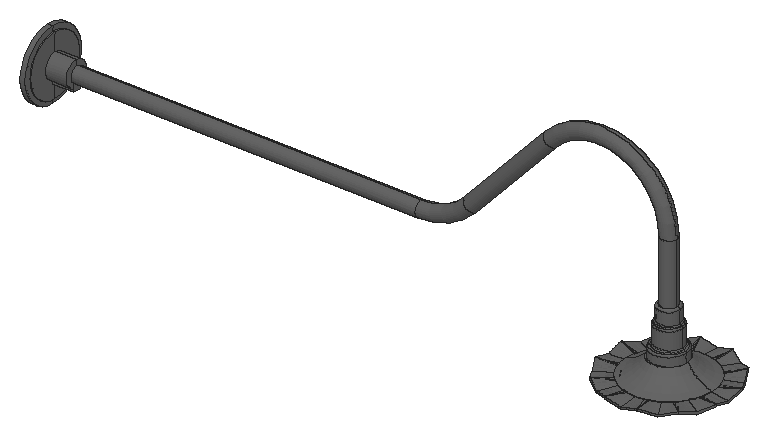
Revit family "Radial 8,12,16,18,20,24 LED", category Lighting Fixtures, Revit 2020 (continued)
Definition of nested family "R912_1"
  Definition of nested family "R912"
    Forms (in)
      SweptBlend 5, solid, material <- "BODY", visible <- "R912"
        end profile origin (3.86272, -4.60438, 0.11737) x (0.004788, 0.066211, -0.997794) y (0.766866, 0.640145, 0.046158)
          loop
            line (-0.30546, -1.03094) -> (-0.17685, -1.03689) -> (0.12861, -0.00595) -> (-0.08036, 1.04879) -> (-0.20897, 1.05474) -> (0, 0) -> (-0.30546, -1.03094)
      SweptBlend 6, solid, material <- "BODY", visible <- "R912"
        path in 3D
          loop
            line (3.69104, -2.13104, 0.20086) -> (5.20456, -3.00557, 0.11737)
        profile origin (3.69104, -2.13104, 0.20086) x (-0.000101, 0.094865, -0.99549) y (0.502004, 0.860969, 0.081995)
          loop
            line (0.03555, 0.81232) -> (-0.03114, 0.00257) -> (-0.09784, -0.80719) -> (-0.03555, -0.81232) -> (0.03114, -0.00257) -> (0.09784, 0.80719) -> (0.03555, 0.81232)
        end profile origin (5.20456, -3.00557, 0.11737) x (-0.000101, 0.094865, -0.99549) y (0.502004, 0.860969, 0.081995)
          loop
            line (-0.34232, -1.0193) -> (-0.214, -1.02986) -> (0.12831, -0.01057) -> (-0.04261, 1.051) -> (-0.17092, 1.06157) -> (0, 0) -> (-0.34232, -1.0193)
      SweptBlend 7, solid, material <- "BODY", visible <- "R912"
        path in 3D
          loop
            line (4.19731, -0.74011, 0.20086) -> (5.91865, -1.04425, 0.11737)
        profile origin (4.19731, -0.74011, 0.20086) x (-0.015966, 0.179656, -0.9836) y (0.179514, 0.968256, 0.173939)
          loop
            line (0.11071, 0.80553) -> (-0.03077, 0.00544) -> (-0.17226, -0.79464) -> (-0.11071, -0.80553) -> (0.03077, -0.00544) -> (0.17226, 0.79464) -> (0.11071, 0.80553)
        end profile origin (5.91865, -1.04425, 0.11737) x (-0.015966, 0.179656, -0.9836) y (0.179514, 0.968256, 0.173939)
          loop
            line (-0.43535, -0.98317) -> (-0.30857, -1.00559) -> (0.12678, -0.02242) -> (0.05502, 1.05042) -> (-0.07176, 1.07284) -> (0, 0) -> (-0.43535, -0.98317)
      SweptBlend 8, solid, material <- "BODY", visible <- "R912"
        path in 3D
          loop
            line (4.19731, 0.74009, 0.20086) -> (5.91887, 1.04302, 0.11737)
        profile origin (4.19731, 0.74009, 0.20086) x (-0.172631, 0.984888, 0.013971) y (0.049407, -0.005508, 0.998764)
          loop
            line (0.81286, 0.01988) -> (0.00044, 0.03125) -> (-0.81198, 0.04261) -> (-0.81286, -0.01988) -> (-0.00044, -0.03125) -> (0.81198, -0.04261) -> (0.81286, 0.01988)
        end profile origin (5.91887, 1.04302, 0.11737) x (-0.172631, 0.984888, 0.013971) y (0.049407, -0.005508, 0.998764)
          loop
            line (-1.04025, 0.27206) -> (-1.04205, 0.14333) -> (-0.0018, -0.12873) -> (1.04565, 0.11413) -> (1.04745, 0.24286) -> (0, 0) -> (-1.04025, 0.27206)
      SweptBlend 9, solid, material <- "BODY", visible <- "R912"
        path in 3D
          loop
            line (3.69106, 2.13102, 0.20086) -> (5.20518, 3.00449, 0.11737)
        profile origin (3.69106, 2.13102, 0.20086) x (-0.038753, 0.161435, 0.986122) y (0.499904, -0.851357, 0.159019)
          loop
            line (0.1602, -0.79716) -> (0.03085, 0.00498) -> (-0.0985, 0.80711) -> (-0.1602, 0.79716) -> (-0.03085, -0.00498) -> (0.0985, -0.80711) -> (0.1602, -0.79716)
        end profile origin (5.20518, 3.00449, 0.11737) x (-0.038753, 0.161435, 0.986122) y (0.499904, -0.851357, 0.159019)
          loop
            line (0.08801, 1.07163) -> (-0.0391, 1.05114) -> (-0.1271, -0.0205) -> (0.2933, -1.01015) -> (0.4204, -0.98965) -> (0, 0) -> (0.08801, 1.07163)
      SweptBlend 10, solid, material <- "BODY", visible <- "R912"
        path in 3D
          loop
            line (2.73961, 3.26492, 0.20086) -> (3.86367, 4.60358, 0.11737)
        profile origin (2.73961, 3.26492, 0.20086) x (-0.020729, 0.079565, 0.996614) y (0.766154, -0.639158, 0.066963)
          loop
            line (0.08565, -0.80858) -> (0.03118, 0.00209) -> (-0.02329, 0.81277) -> (-0.08565, 0.80858) -> (-0.03118, -0.00209) -> (0.02329, -0.81277) -> (0.08565, -0.80858)
        end profile origin (3.86367, 4.60358, 0.11737) x (-0.020729, 0.079565, 0.996614) y (0.766154, -0.639158, 0.066963)
          loop
            line (0.18692, 1.05887) -> (0.05847, 1.05024) -> (-0.12846, -0.00863) -> (0.19844, -1.03298) -> (0.3269, -1.02435) -> (0, 0) -> (0.18692, 1.05887)
      SweptBlend 11, solid, material <- "BODY", visible <- "R912"
        path in 3D
          loop
            line (1.45772, 4.00502, 0.20086) -> (2.05615, 5.6474, 0.11737)
        profile origin (1.45772, 4.00502, 0.20086) x (-0.012585, 0.055339, 0.998388) y (0.939631, -0.340806, 0.030735)
          loop
            line (0.05624, -0.81115) -> (0.03124, 0.00096) -> (0.00623, 0.81308) -> (-0.05624, 0.81115) -> (-0.03124, -0.00096) -> (-0.00623, -0.81308) -> (0.05624, -0.81115)
        end profile origin (2.05615, 5.6474, 0.11737) x (-0.012585, 0.055339, 0.998388) y (0.939631, -0.340806, 0.030735)
          loop
            line (0.22524, 1.05138) -> (0.09656, 1.04742) -> (-0.12869, -0.00396) -> (0.1608, -1.0395) -> (0.28949, -1.03554) -> (0, 0) -> (0.22524, 1.05138)
      SweptBlend 12, solid, material <- "BODY", visible <- "R912"
        path in 3D
          loop
            line (0.00001, 4.26206, 0.20086) -> (0.00062, 6.01007, 0.11737)
        profile origin (0.00001, 4.26206, 0.20086) x (-0.008024, 0.047711, 0.998829) y (0.999968, 0.000035, 0.008032)
          loop
            line (0.03778, -0.81222) -> (0.03125, 0.00025) -> (0.02472, 0.81273) -> (-0.03778, 0.81222) -> (-0.03125, -0.00025) -> (-0.02472, -0.81273) -> (0.03778, -0.81222)
        end profile origin (0.00062, 6.01007, 0.11737) x (-0.008024, 0.047711, 0.998829) y (0.999968, 0.000035, 0.008032)
          loop
            line (0.24909, 1.04599) -> (0.12034, 1.04496) -> (-0.12874, -0.00104) -> (0.13713, -1.04289) -> (0.26587, -1.04185) -> (0, 0) -> (0.24909, 1.04599)
      SweptBlend 13, solid, material <- "BODY", visible <- "R912"
        path in 3D
          loop
            line (-1.4577, 4.00503, 0.20086) -> (-2.05498, 5.64783, 0.11737)
        profile origin (-1.4577, 4.00503, 0.20086) x (-0.006541, 0.048384, 0.998807) y (0.93993, 0.341209, -0.010373)
          loop
            line (0.02281, -0.81278) -> (0.03125, -0.00032) -> (0.03969, 0.81213) -> (-0.02281, 0.81278) -> (-0.03125, 0.00032) -> (-0.03969, -0.81213) -> (0.02281, -0.81278)
        end profile origin (-2.05498, 5.64783, 0.11737) x (-0.006541, 0.048384, 0.998807) y (0.93993, 0.341209, -0.010373)
          loop
            line (0.26832, 1.04123) -> (0.13958, 1.04256) -> (-0.12874, 0.00134) -> (0.11789, -1.04524) -> (0.24663, -1.04657) -> (0, 0) -> (0.26832, 1.04123)
      SweptBlend 14, solid, material <- "BODY", visible <- "R912"
        path in 3D
          loop
            line (-2.73959, 3.26493, 0.20086) -> (-3.86272, 4.60438, 0.11737)
        profile origin (-2.73959, 3.26493, 0.20086) x (-0.008765, 0.054887, 0.998454) y (0.766831, 0.641215, -0.028517)
          loop
            line (0.00804, -0.81306) -> (0.03124, -0.00089) -> (0.05443, 0.81128) -> (-0.00804, 0.81306) -> (-0.03124, 0.00089) -> (-0.05443, -0.81128) -> (0.00804, -0.81306)
        end profile origin (-3.86272, 4.60438, 0.11737) x (-0.008765, 0.054887, 0.998454) y (0.766831, 0.641215, -0.028517)
          loop
            line (0.28719, 1.03618) -> (0.15849, 1.03985) -> (-0.12869, 0.00368) -> (0.09889, -1.04721) -> (0.22758, -1.05088) -> (0, 0) -> (0.28719, 1.03618)
      SweptBlend 15, solid, material <- "BODY", visible <- "R912"
        path in 3D
          loop
            line (-3.69104, 2.13104, 0.20086) -> (-5.20456, 3.00557, 0.11737)
        profile origin (-3.69104, 2.13104, 0.20086) x (-0.016105, 0.067368, 0.997598) y (0.501746, 0.863556, -0.050216)
          loop
            line (-0.00964, -0.81304) -> (0.03121, -0.00157) -> (0.07206, 0.8099) -> (0.00964, 0.81304) -> (-0.03121, 0.00157) -> (-0.07206, -0.8099) -> (-0.00964, -0.81304)
        end profile origin (-5.20456, 3.00557, 0.11737) x (-0.016105, 0.067368, 0.997598) y (0.501746, 0.863556, -0.050216)
          loop
            line (0.30965, 1.02969) -> (0.18106, 1.03616) -> (-0.12858, 0.00647) -> (0.0761, -1.04911) -> (0.20468, -1.05558) -> (0, 0) -> (0.30965, 1.02969)
      SweptBlend 16, solid, material <- "BODY", visible <- "R912"
        path in 3D
          loop
            line (-4.19731, 0.74011, 0.20086) -> (-5.91865, 1.04425, 0.11737)
        profile origin (-4.19731, 0.74011, 0.20086) x (-0.032249, 0.090724, 0.995354) y (0.177314, 0.980594, -0.083633)
          loop
            line (-0.03689, -0.81226) -> (0.03114, -0.00262) -> (0.09917, 0.80703) -> (0.03689, 0.81226) -> (-0.03114, 0.00262) -> (-0.09917, -0.80703) -> (-0.03689, -0.81226)
        end profile origin (-5.91865, 1.04425, 0.11737) x (-0.032249, 0.090724, 0.995354) y (0.177314, 0.980594, -0.083633)
          loop
            line (0.34399, 1.01873) -> (0.2157, 1.02951) -> (-0.12829, 0.01078) -> (0.04088, -1.05107) -> (0.16918, -1.06185) -> (0, 0) -> (0.34399, 1.01873)
      SweptBlend 17, solid, material <- "BODY", visible <- "R912"
        path in 3D
          loop
            line (-4.19731, -0.74009, 0.20086) -> (-5.91887, -1.04302, 0.11737)
        profile origin (-4.19731, -0.74009, 0.20086) x (-0.075088, 0.155236, 0.98502) y (-0.163108, 0.972592, -0.165711)
          loop
            line (-0.10398, -0.80643) -> (0.03082, -0.00518) -> (0.16561, 0.79606) -> (0.10398, 0.80643) -> (-0.03082, 0.00518) -> (-0.16561, -0.79606) -> (-0.10398, -0.80643)
        end profile origin (-5.91887, -1.04302, 0.11737) x (-0.075088, 0.155236, 0.98502) y (-0.163108, 0.972592, -0.165711)
          loop
            line (0.42711, 0.98677) -> (0.30015, 1.00813) -> (-0.12696, 0.02136) -> (-0.04623, -1.05085) -> (0.08073, -1.07221) -> (0, 0) -> (0.42711, 0.98677)
      SweptBlend 18, solid, material <- "BODY", visible <- "R912"
        path in 3D
          loop
            line (-3.69106, -2.13102, 0.20086) -> (-5.20518, -3.00449, 0.11737)
        profile origin (-3.69106, -2.13102, 0.20086) x (-0.498207, 0.866524, -0.030438) y (0.056534, -0.002566, -0.998397)
          loop
            line (-0.81307, -0.00648) -> (-0.00095, -0.03124) -> (0.81117, -0.05599) -> (0.81307, 0.00648) -> (0.00095, 0.03124) -> (-0.81117, 0.05599) -> (-0.81307, -0.00648)
        end profile origin (-5.20518, -3.00449, 0.11737) x (-0.498207, 0.866524, -0.030438) y (0.056534, -0.002566, -0.998397)
          loop
            line (1.03562, -0.28918) -> (1.03955, -0.16049) -> (0.00392, 0.12869) -> (-1.04739, -0.09687) -> (-1.05132, -0.22556) -> (0, 0) -> (1.03562, -0.28918)
      SweptBlend 19, solid, material <- "BODY", visible <- "R912"
        path in 3D
          loop
            line (-2.73961, -3.26492, 0.20086) -> (-3.86367, -4.60358, 0.11737)
        profile origin (-2.73961, -3.26492, 0.20086) x (-0.058973, 0.111392, -0.992025) y (0.764163, -0.634386, -0.11666)
          loop
            line (-0.12593, 0.80329) -> (-0.03104, -0.00365) -> (0.06386, -0.81059) -> (0.12593, -0.80329) -> (0.03104, 0.00365) -> (-0.06386, 0.81059) -> (-0.12593, 0.80329)
        end profile origin (-3.86367, -4.60358, 0.11737) x (-0.058973, 0.111392, -0.992025) y (0.764163, -0.634386, -0.11666)
          loop
            line (-0.1338, -1.06688) -> (-0.00593, -1.05185) -> (0.12786, 0.01504) -> (-0.24979, 1.02177) -> (-0.37765, 1.00674) -> (0, 0) -> (-0.1338, -1.06688)
    Lines and regions (in)
      sketch lines
        curve 1: line (-0.00001, -4.26206, 0.20086) -> (-0.00062, -6.01007, 0.11737)
        curve 2: line (-1.45772, -4.00502, 0.20086) -> (-2.05615, -5.6474, 0.11737)
        curve 3: line (1.4577, -4.00503, 0.20086) -> (2.05498, -5.64783, 0.11737)
        curve 4: line (2.73959, -3.26493, 0.20086) -> (3.86272, -4.60438, 0.11737)
        curve 5: line (3.69104, -2.13104, 0.20086) -> (5.20456, -3.00557, 0.11737)
        curve 6: line (4.19731, -0.74011, 0.20086) -> (5.91865, -1.04425, 0.11737)
        curve 7: line (4.19731, 0.74009, 0.20086) -> (5.91887, 1.04302, 0.11737)
        curve 8: line (3.69106, 2.13102, 0.20086) -> (5.20518, 3.00449, 0.11737)
        curve 9: line (2.73961, 3.26492, 0.20086) -> (3.86367, 4.60358, 0.11737)
        curve 10: line (1.45772, 4.00502, 0.20086) -> (2.05615, 5.6474, 0.11737)
        curve 11: line (0.00001, 4.26206, 0.20086) -> (0.00062, 6.01007, 0.11737)
        curve 12: line (-1.4577, 4.00503, 0.20086) -> (-2.05498, 5.64783, 0.11737)
        curve 13: line (-2.73959, 3.26493, 0.20086) -> (-3.86272, 4.60438, 0.11737)
        curve 14: line (-3.69104, 2.13104, 0.20086) -> (-5.20456, 3.00557, 0.11737)
        curve 15: line (-4.19731, 0.74011, 0.20086) -> (-5.91865, 1.04425, 0.11737)
        curve 16: line (-4.19731, -0.74009, 0.20086) -> (-5.91887, -1.04302, 0.11737)
        curve 17: line (-3.69106, -2.13102, 0.20086) -> (-5.20518, -3.00449, 0.11737)
        curve 18: line (-2.73961, -3.26492, 0.20086) -> (-3.86367, -4.60358, 0.11737)
    Dimensions and locks (in)
      plane 5 to plane 3 "Center (Left/Right)" = 0' - 6"
      plane 4 to plane 2 = 0' - 5 1/8"
      plane 6 to plane 1 "Center (Front/Back)" = 0' - 6"
      equal spacing: plane 6, plane 1 "Center (Front/Back)", plane 8
      plane 6 to plane 8 = 1' - 0"
      equal spacing: plane 7, plane 3 "Center (Left/Right)", plane 5
      plane 7 to plane 5 = 1' - 0"
      plane 7 to plane 3 "Center (Left/Right)" = 0' - 6"
      aligned and locked: plane 2 to level
    Automatic sketch dimensions
      SweptBlend 2 sketch curve to profile plane = 0' - 0"  (x2)
      profile plane to SweptBlend 2 sketch curve = 0' - 0.12186"
      profile plane to SweptBlend 2 sketch curve = 0' - 0.13562"
      SweptBlend 2 sketch curve to SweptBlend 2 sketch curve = 0' - 0.12874"  (x2)
      SweptBlend 2 sketch curve to profile plane = 0' - 0.00085"
      SweptBlend 2 sketch curve to profile plane = 0' - 0.12874"
      SweptBlend 2 sketch curve to profile plane = 0' - 1.04224"
      SweptBlend 2 sketch curve to SweptBlend 2 sketch curve = 0' - 0.00085"  (x2)
      profile plane to SweptBlend 2 sketch curve = 0' - 1.04478"
      profile plane to SweptBlend 2 sketch curve = 0' - 0.0366"
      profile plane to SweptBlend 2 sketch curve = 0' - 0.00021"
      profile plane to SweptBlend 2 sketch curve = 0' - 0 1/32"
      profile plane to SweptBlend 2 sketch curve = 0' - 0.0259"
      SweptBlend 2 sketch curve to profile plane = 0' - 0.0259"
      SweptBlend 2 sketch curve to profile plane = 0' - 0.00021"
      SweptBlend 2 sketch curve to profile plane = 0' - 0.81228"
      profile plane to SweptBlend 2 sketch curve = 0' - 0.81228"
      SweptBlend 3 sketch curve to profile plane = 0' - 0"  (x2)
      profile plane to SweptBlend 3 sketch curve = 0' - 0 79/128"
      SweptBlend 3 sketch curve to profile plane = 0' - 0.39175"
      SweptBlend 3 sketch curve to SweptBlend 3 sketch curve = 0' - 0.11272"  (x2)
      profile plane to SweptBlend 3 sketch curve = 0' - 0.06221"
      SweptBlend 3 sketch curve to profile plane = 0' - 0.11272"
      SweptBlend 3 sketch curve to profile plane = 0' - 1.0384"
      SweptBlend 3 sketch curve to SweptBlend 3 sketch curve = 0' - 0.06221"  (x2)
      profile plane to SweptBlend 3 sketch curve = 0' - 0.85177"
      SweptBlend 3 sketch curve to profile plane = 0' - 0.36526"
      SweptBlend 3 sketch curve to profile plane = 0' - 0.0151"
      profile plane to SweptBlend 3 sketch curve = 0' - 0 7/256"
      profile plane to SweptBlend 3 sketch curve = 0' - 0.41998"
      SweptBlend 3 sketch curve to profile plane = 0' - 0.41998"
      profile plane to SweptBlend 3 sketch curve = 0' - 0.0151"
      SweptBlend 3 sketch curve to profile plane = 0' - 0.72644"
      profile plane to SweptBlend 3 sketch curve = 0' - 0.72644"
      SweptBlend 4 sketch curve to profile plane = 0' - 0"  (x2)
      SweptBlend 4 sketch curve to profile plane = 0' - 0.47542"
      profile plane to SweptBlend 4 sketch curve = 0' - 0.68913"
      SweptBlend 4 sketch curve to SweptBlend 4 sketch curve = 0' - 0.10686"  (x2)
      SweptBlend 4 sketch curve to profile plane = 0' - 0.07181"
      SweptBlend 4 sketch curve to profile plane = 0' - 0.10686"
      SweptBlend 4 sketch curve to profile plane = 0' - 0.72287"
      SweptBlend 4 sketch curve to SweptBlend 4 sketch curve = 0' - 0.07181"  (x2)
      profile plane to SweptBlend 4 sketch curve = 0' - 0.93829"
      profile plane to SweptBlend 4 sketch curve = 0' - 0.47912"
      profile plane to SweptBlend 4 sketch curve = 0' - 0.01743"
      profile plane to SweptBlend 4 sketch curve = 0' - 0.02594"
      SweptBlend 4 sketch curve to profile plane = 0' - 0.42724"
      profile plane to SweptBlend 4 sketch curve = 0' - 0.42724"
      SweptBlend 4 sketch curve to profile plane = 0' - 0.01743"
      SweptBlend 4 sketch curve to profile plane = 0' - 0.65695"
      profile plane to SweptBlend 4 sketch curve = 0' - 0.65695"
      SweptBlend 5 sketch curve to profile plane = 0' - 0"  (x2)
      profile plane to SweptBlend 5 sketch curve = 0' - 0.08036"
      profile plane to SweptBlend 5 sketch curve = 0' - 0.17685"
      SweptBlend 5 sketch curve to SweptBlend 5 sketch curve = 0' - 0.12861"  (x2)
      SweptBlend 5 sketch curve to profile plane = 0' - 0.00595"
      SweptBlend 5 sketch curve to profile plane = 0' - 0.12861"
      SweptBlend 5 sketch curve to profile plane = 0' - 1.03094"
      SweptBlend 5 sketch curve to SweptBlend 5 sketch curve = 0' - 0.00595"  (x2)
      profile plane to SweptBlend 5 sketch curve = 0' - 1.04879"
      profile plane to SweptBlend 5 sketch curve = 0' - 0.06876"
      profile plane to SweptBlend 5 sketch curve = 0' - 0.00144"
      profile plane to SweptBlend 5 sketch curve = 0' - 0.03122"
      SweptBlend 5 sketch curve to profile plane = 0' - 0.00633"
      profile plane to SweptBlend 5 sketch curve = 0' - 0.00633"
      SweptBlend 5 sketch curve to profile plane = 0' - 0.00144"
      SweptBlend 5 sketch curve to profile plane = 0' - 0.81019"
      profile plane to SweptBlend 5 sketch curve = 0' - 0.81019"
      SweptBlend 6 sketch curve to profile plane = 0' - 0"  (x2)
      profile plane to SweptBlend 6 sketch curve = 0' - 0.04261"
      profile plane to SweptBlend 6 sketch curve = 0' - 0.214"
      SweptBlend 6 sketch curve to SweptBlend 6 sketch curve = 0' - 0.12831"  (x2)
      SweptBlend 6 sketch curve to profile plane = 0' - 0.01057"
      SweptBlend 6 sketch curve to profile plane = 0' - 0.12831"
      SweptBlend 6 sketch curve to profile plane = 0' - 1.0193"
      SweptBlend 6 sketch curve to SweptBlend 6 sketch curve = 0' - 0.01057"  (x2)
      profile plane to SweptBlend 6 sketch curve = 0' - 1.051"
      profile plane to SweptBlend 6 sketch curve = 0' - 0.09784"
      profile plane to SweptBlend 6 sketch curve = 0' - 0.00257"
      profile plane to SweptBlend 6 sketch curve = 0' - 0.03114"
      SweptBlend 6 sketch curve to profile plane = 0' - 0.03555"
      profile plane to SweptBlend 6 sketch curve = 0' - 0.03555"
      SweptBlend 6 sketch curve to profile plane = 0' - 0.00257"
      SweptBlend 6 sketch curve to profile plane = 0' - 0.80719"
      profile plane to SweptBlend 6 sketch curve = 0' - 0.80719"
      SweptBlend 7 sketch curve to profile plane = 0' - 0"  (x2)
      SweptBlend 7 sketch curve to profile plane = 0' - 0.05502"
      profile plane to SweptBlend 7 sketch curve = 0' - 0.30857"
      SweptBlend 7 sketch curve to SweptBlend 7 sketch curve = 0' - 0.12678"  (x2)
      SweptBlend 7 sketch curve to profile plane = 0' - 0.02242"
      SweptBlend 7 sketch curve to profile plane = 0' - 0.12678"
      SweptBlend 7 sketch curve to profile plane = 0' - 0.98317"
      SweptBlend 7 sketch curve to SweptBlend 7 sketch curve = 0' - 0.02242"  (x2)
      profile plane to SweptBlend 7 sketch curve = 0' - 1.05042"
      profile plane to SweptBlend 7 sketch curve = 0' - 0.17226"
      profile plane to SweptBlend 7 sketch curve = 0' - 0.00544"
      profile plane to SweptBlend 7 sketch curve = 0' - 0.03077"
      SweptBlend 7 sketch curve to profile plane = 0' - 0.11071"
      profile plane to SweptBlend 7 sketch curve = 0' - 0.11071"
      SweptBlend 7 sketch curve to profile plane = 0' - 0.00544"
      SweptBlend 7 sketch curve to profile plane = 0' - 0.79464"
      profile plane to SweptBlend 7 sketch curve = 0' - 0.79464"
      SweptBlend 8 sketch curve to profile plane = 0' - 0"  (x2)
      SweptBlend 8 sketch curve to profile plane = 0' - 1.04565"
      profile plane to SweptBlend 8 sketch curve = 0' - 1.04205"
      SweptBlend 8 sketch curve to SweptBlend 8 sketch curve = 0' - 0.0018"  (x2)
      SweptBlend 8 sketch curve to profile plane = 0' - 0.12873"
      profile plane to SweptBlend 8 sketch curve = 0' - 0.0018"
      profile plane to SweptBlend 8 sketch curve = 0' - 0.27206"
      SweptBlend 8 sketch curve to SweptBlend 8 sketch curve = 0' - 0.12873"  (x2)
      profile plane to SweptBlend 8 sketch curve = 0' - 0.11413"
      profile plane to SweptBlend 8 sketch curve = 0' - 0.81198"
      profile plane to SweptBlend 8 sketch curve = 0' - 0 1/32"
      SweptBlend 8 sketch curve to profile plane = 0' - 0.00044"
      SweptBlend 8 sketch curve to profile plane = 0' - 0.81286"
      profile plane to SweptBlend 8 sketch curve = 0' - 0.81286"
      SweptBlend 8 sketch curve to profile plane = 0' - 0 1/32"
      profile plane to SweptBlend 8 sketch curve = 0' - 0.04261"
      SweptBlend 8 sketch curve to profile plane = 0' - 0.04261"
      SweptBlend 9 sketch curve to profile plane = 0' - 0"  (x2)
      SweptBlend 9 sketch curve to profile plane = 0' - 0.2933"
      profile plane to SweptBlend 9 sketch curve = 0' - 0.0391"
      SweptBlend 9 sketch curve to SweptBlend 9 sketch curve = 0' - 0.1271"  (x2)
      SweptBlend 9 sketch curve to profile plane = 0' - 0.0205"
      profile plane to SweptBlend 9 sketch curve = 0' - 0.1271"
      profile plane to SweptBlend 9 sketch curve = 0' - 1.07163"
      SweptBlend 9 sketch curve to SweptBlend 9 sketch curve = 0' - 0.0205"  (x2)
      SweptBlend 9 sketch curve to profile plane = 0' - 1.01015"
      profile plane to SweptBlend 9 sketch curve = 0' - 0.0985"
      profile plane to SweptBlend 9 sketch curve = 0' - 0.00498"
      SweptBlend 9 sketch curve to profile plane = 0' - 0.03085"
      SweptBlend 9 sketch curve to profile plane = 0' - 0.1602"
      profile plane to SweptBlend 9 sketch curve = 0' - 0.1602"
      SweptBlend 9 sketch curve to profile plane = 0' - 0.00498"
      profile plane to SweptBlend 9 sketch curve = 0' - 0.80711"
      SweptBlend 9 sketch curve to profile plane = 0' - 0.80711"
      SweptBlend 10 sketch curve to profile plane = 0' - 0"  (x2)
      SweptBlend 10 sketch curve to profile plane = 0' - 0.19844"
      SweptBlend 10 sketch curve to profile plane = 0' - 0.05847"
      SweptBlend 10 sketch curve to SweptBlend 10 sketch curve = 0' - 0.12846"  (x2)
      SweptBlend 10 sketch curve to profile plane = 0' - 0.00863"
      profile plane to SweptBlend 10 sketch curve = 0' - 0.12846"
      profile plane to SweptBlend 10 sketch curve = 0' - 1.05887"
      SweptBlend 10 sketch curve to SweptBlend 10 sketch curve = 0' - 0.00863"  (x2)
      SweptBlend 10 sketch curve to profile plane = 0' - 1.03298"
      profile plane to SweptBlend 10 sketch curve = 0' - 0.02329"
      profile plane to SweptBlend 10 sketch curve = 0' - 0.00209"
      SweptBlend 10 sketch curve to profile plane = 0' - 0.03118"
      SweptBlend 10 sketch curve to profile plane = 0' - 0.08565"
      profile plane to SweptBlend 10 sketch curve = 0' - 0.08565"
      SweptBlend 10 sketch curve to profile plane = 0' - 0.00209"
      profile plane to SweptBlend 10 sketch curve = 0' - 0.81277"
      SweptBlend 10 sketch curve to profile plane = 0' - 0.81277"
      SweptBlend 11 sketch curve to profile plane = 0' - 0"  (x2)
      SweptBlend 11 sketch curve to profile plane = 0' - 0.1608"
      SweptBlend 11 sketch curve to profile plane = 0' - 0.09656"
      SweptBlend 11 sketch curve to SweptBlend 11 sketch curve = 0' - 0.12869"  (x2)
      SweptBlend 11 sketch curve to profile plane = 0' - 0.00396"
      profile plane to SweptBlend 11 sketch curve = 0' - 0.12869"
      profile plane to SweptBlend 11 sketch curve = 0' - 1.05138"
      SweptBlend 11 sketch curve to SweptBlend 11 sketch curve = 0' - 0.00396"  (x2)
      SweptBlend 11 sketch curve to profile plane = 0' - 1.0395"
      SweptBlend 11 sketch curve to profile plane = 0' - 0.00623"
      profile plane to SweptBlend 11 sketch curve = 0' - 0.00096"
      SweptBlend 11 sketch curve to profile plane = 0' - 0 1/32"
      SweptBlend 11 sketch curve to profile plane = 0' - 0.05624"
      profile plane to SweptBlend 11 sketch curve = 0' - 0.05624"
      SweptBlend 11 sketch curve to profile plane = 0' - 0.00096"
      profile plane to SweptBlend 11 sketch curve = 0' - 0.81308"
      SweptBlend 11 sketch curve to profile plane = 0' - 0.81308"
      SweptBlend 12 sketch curve to profile plane = 0' - 0"  (x2)
      SweptBlend 12 sketch curve to profile plane = 0' - 0.13713"
      SweptBlend 12 sketch curve to profile plane = 0' - 0.12034"
      SweptBlend 12 sketch curve to SweptBlend 12 sketch curve = 0' - 0.12874"  (x2)
      SweptBlend 12 sketch curve to profile plane = 0' - 0.00104"
      profile plane to SweptBlend 12 sketch curve = 0' - 0.12874"
      profile plane to SweptBlend 12 sketch curve = 0' - 1.04599"
      SweptBlend 12 sketch curve to SweptBlend 12 sketch curve = 0' - 0.00104"  (x2)
      SweptBlend 12 sketch curve to profile plane = 0' - 1.04289"
      SweptBlend 12 sketch curve to profile plane = 0' - 0.02472"
      profile plane to SweptBlend 12 sketch curve = 0' - 0.00025"
      SweptBlend 12 sketch curve to profile plane = 0' - 0 1/32"
      SweptBlend 12 sketch curve to profile plane = 0' - 0.03778"
      profile plane to SweptBlend 12 sketch curve = 0' - 0.03778"
      SweptBlend 12 sketch curve to profile plane = 0' - 0.00025"
      profile plane to SweptBlend 12 sketch curve = 0' - 0.81273"
      SweptBlend 12 sketch curve to profile plane = 0' - 0.81273"
      SweptBlend 13 sketch curve to profile plane = 0' - 0"  (x2)
      SweptBlend 13 sketch curve to profile plane = 0' - 0.11789"
      SweptBlend 13 sketch curve to profile plane = 0' - 0.13958"
      SweptBlend 13 sketch curve to SweptBlend 13 sketch curve = 0' - 0.12874"  (x2)
      profile plane to SweptBlend 13 sketch curve = 0' - 0.00134"
      profile plane to SweptBlend 13 sketch curve = 0' - 0.12874"
      profile plane to SweptBlend 13 sketch curve = 0' - 1.04123"
      SweptBlend 13 sketch curve to SweptBlend 13 sketch curve = 0' - 0.00134"  (x2)
      SweptBlend 13 sketch curve to profile plane = 0' - 1.04524"
      SweptBlend 13 sketch curve to profile plane = 0' - 0.03969"
      SweptBlend 13 sketch curve to profile plane = 0' - 0.00032"
      SweptBlend 13 sketch curve to profile plane = 0' - 0 1/32"
      SweptBlend 13 sketch curve to profile plane = 0' - 0.02281"
      profile plane to SweptBlend 13 sketch curve = 0' - 0.02281"
      profile plane to SweptBlend 13 sketch curve = 0' - 0.00032"
      profile plane to SweptBlend 13 sketch curve = 0' - 0.81213"
      SweptBlend 13 sketch curve to profile plane = 0' - 0.81213"
      SweptBlend 14 sketch curve to profile plane = 0' - 0"  (x2)
      SweptBlend 14 sketch curve to profile plane = 0' - 0.09889"
      SweptBlend 14 sketch curve to profile plane = 0' - 0.15849"
      SweptBlend 14 sketch curve to SweptBlend 14 sketch curve = 0' - 0.12869"  (x2)
      profile plane to SweptBlend 14 sketch curve = 0' - 0.00368"
      profile plane to SweptBlend 14 sketch curve = 0' - 0.12869"
      profile plane to SweptBlend 14 sketch curve = 0' - 1.03618"
      SweptBlend 14 sketch curve to SweptBlend 14 sketch curve = 0' - 0.00368"  (x2)
      SweptBlend 14 sketch curve to profile plane = 0' - 1.04721"
      SweptBlend 14 sketch curve to profile plane = 0' - 0.05443"
      SweptBlend 14 sketch curve to profile plane = 0' - 0.00089"
      SweptBlend 14 sketch curve to profile plane = 0' - 0 1/32"
      SweptBlend 14 sketch curve to profile plane = 0' - 0.00804"
      profile plane to SweptBlend 14 sketch curve = 0' - 0.00804"
      profile plane to SweptBlend 14 sketch curve = 0' - 0.00089"
      profile plane to SweptBlend 14 sketch curve = 0' - 0.81128"
      SweptBlend 14 sketch curve to profile plane = 0' - 0.81128"
      SweptBlend 15 sketch curve to profile plane = 0' - 0"  (x2)
      SweptBlend 15 sketch curve to profile plane = 0' - 0.0761"
      SweptBlend 15 sketch curve to profile plane = 0' - 0.18106"
      SweptBlend 15 sketch curve to SweptBlend 15 sketch curve = 0' - 0.12858"  (x2)
      profile plane to SweptBlend 15 sketch curve = 0' - 0.00647"
      profile plane to SweptBlend 15 sketch curve = 0' - 0.12858"
      profile plane to SweptBlend 15 sketch curve = 0' - 1.02969"
      SweptBlend 15 sketch curve to SweptBlend 15 sketch curve = 0' - 0.00647"  (x2)
      SweptBlend 15 sketch curve to profile plane = 0' - 1.04911"
      SweptBlend 15 sketch curve to profile plane = 0' - 0.07206"
      SweptBlend 15 sketch curve to profile plane = 0' - 0.00157"
      SweptBlend 15 sketch curve to profile plane = 0' - 0.03121"
      profile plane to SweptBlend 15 sketch curve = 0' - 0.00964"
      SweptBlend 15 sketch curve to profile plane = 0' - 0.00964"
      profile plane to SweptBlend 15 sketch curve = 0' - 0.00157"
      profile plane to SweptBlend 15 sketch curve = 0' - 0.8099"
      SweptBlend 15 sketch curve to profile plane = 0' - 0.8099"
      SweptBlend 16 sketch curve to profile plane = 0' - 0"  (x2)
      SweptBlend 16 sketch curve to profile plane = 0' - 0.04088"
      SweptBlend 16 sketch curve to profile plane = 0' - 0.2157"
      SweptBlend 16 sketch curve to SweptBlend 16 sketch curve = 0' - 0.12829"  (x2)
      profile plane to SweptBlend 16 sketch curve = 0' - 0.01078"
      profile plane to SweptBlend 16 sketch curve = 0' - 0.12829"
      profile plane to SweptBlend 16 sketch curve = 0' - 1.01873"
      SweptBlend 16 sketch curve to SweptBlend 16 sketch curve = 0' - 0.01078"  (x2)
      SweptBlend 16 sketch curve to profile plane = 0' - 1.05107"
      SweptBlend 16 sketch curve to profile plane = 0' - 0.09917"
      SweptBlend 16 sketch curve to profile plane = 0' - 0.00262"
      SweptBlend 16 sketch curve to profile plane = 0' - 0.03114"
      profile plane to SweptBlend 16 sketch curve = 0' - 0.03689"
      SweptBlend 16 sketch curve to profile plane = 0' - 0.03689"
      profile plane to SweptBlend 16 sketch curve = 0' - 0.00262"
      profile plane to SweptBlend 16 sketch curve = 0' - 0.80703"
      SweptBlend 16 sketch curve to profile plane = 0' - 0.80703"
      SweptBlend 17 sketch curve to profile plane = 0' - 0"  (x2)
      profile plane to SweptBlend 17 sketch curve = 0' - 0.04623"
      SweptBlend 17 sketch curve to profile plane = 0' - 0.30015"
      SweptBlend 17 sketch curve to SweptBlend 17 sketch curve = 0' - 0.12696"  (x2)
      profile plane to SweptBlend 17 sketch curve = 0' - 0.02136"
      profile plane to SweptBlend 17 sketch curve = 0' - 0.12696"
      profile plane to SweptBlend 17 sketch curve = 0' - 0.98677"
      SweptBlend 17 sketch curve to SweptBlend 17 sketch curve = 0' - 0.02136"  (x2)
      SweptBlend 17 sketch curve to profile plane = 0' - 1.05085"
      SweptBlend 17 sketch curve to profile plane = 0' - 0.16561"
      SweptBlend 17 sketch curve to profile plane = 0' - 0.00518"
      SweptBlend 17 sketch curve to profile plane = 0' - 0.03082"
      profile plane to SweptBlend 17 sketch curve = 0' - 0.10398"
      SweptBlend 17 sketch curve to profile plane = 0' - 0.10398"
      profile plane to SweptBlend 17 sketch curve = 0' - 0.00518"
      profile plane to SweptBlend 17 sketch curve = 0' - 0.79606"
      SweptBlend 17 sketch curve to profile plane = 0' - 0.79606"
      SweptBlend 18 sketch curve to profile plane = 0' - 0"  (x2)
      profile plane to SweptBlend 18 sketch curve = 0' - 1.04739"
      SweptBlend 18 sketch curve to profile plane = 0' - 1.03955"
      SweptBlend 18 sketch curve to SweptBlend 18 sketch curve = 0' - 0 1/256"  (x2)
      profile plane to SweptBlend 18 sketch curve = 0' - 0.12869"
      SweptBlend 18 sketch curve to profile plane = 0' - 0 1/256"
      SweptBlend 18 sketch curve to profile plane = 0' - 0.28918"
      SweptBlend 18 sketch curve to SweptBlend 18 sketch curve = 0' - 0.12869"  (x2)
      SweptBlend 18 sketch curve to profile plane = 0' - 0.09687"
      SweptBlend 18 sketch curve to profile plane = 0' - 0.81117"
      SweptBlend 18 sketch curve to profile plane = 0' - 0 1/32"
      profile plane to SweptBlend 18 sketch curve = 0' - 0.00095"
      profile plane to SweptBlend 18 sketch curve = 0' - 0.81307"
      SweptBlend 18 sketch curve to profile plane = 0' - 0.81307"
      profile plane to SweptBlend 18 sketch curve = 0' - 0 1/32"
      SweptBlend 18 sketch curve to profile plane = 0' - 0.05599"
      profile plane to SweptBlend 18 sketch curve = 0' - 0.05599"
      SweptBlend 19 sketch curve to profile plane = 0' - 0"  (x2)
      profile plane to SweptBlend 19 sketch curve = 0' - 0.24979"
      profile plane to SweptBlend 19 sketch curve = 0' - 0.00593"
      SweptBlend 19 sketch curve to SweptBlend 19 sketch curve = 0' - 0.12786"  (x2)
      profile plane to SweptBlend 19 sketch curve = 0' - 0.01504"
      SweptBlend 19 sketch curve to profile plane = 0' - 0.12786"
      SweptBlend 19 sketch curve to profile plane = 0' - 1.06688"
      SweptBlend 19 sketch curve to SweptBlend 19 sketch curve = 0' - 0.01504"  (x2)
      profile plane to SweptBlend 19 sketch curve = 0' - 1.02177"
      SweptBlend 19 sketch curve to profile plane = 0' - 0.06386"
      SweptBlend 19 sketch curve to profile plane = 0' - 0.00365"
      profile plane to SweptBlend 19 sketch curve = 0' - 0.03104"
      profile plane to SweptBlend 19 sketch curve = 0' - 0.12593"
      SweptBlend 19 sketch curve to profile plane = 0' - 0.12593"
      profile plane to SweptBlend 19 sketch curve = 0' - 0.00365"
      SweptBlend 19 sketch curve to profile plane = 0' - 0.81059"
      profile plane to SweptBlend 19 sketch curve = 0' - 0.81059"
      Revolve 1 sketch curve to Revolve 1 sketch curve = 0' - 0"  (x9)
      Revolve 1 sketch curve to plane 4 = 0' - 0"
      Revolve 1 sketch curve to plane 3 "Center (Left/Right)" = 0' - 0"
      Revolve 1 sketch curve to plane 4 = 0' - 0.0488"
      Revolve 1 sketch curve to plane 3 "Center (Left/Right)" = 0' - 0 3/16"
      Revolve 1 sketch curve to plane 4 = 0' - 0.1113"
      Revolve 1 sketch curve to Revolve 1 sketch curve = 0' - 0 27/32"
      Revolve 1 sketch curve to Revolve 1 sketch curve = 0' - 0 1/16"  (x5)
      Revolve 1 sketch curve to Revolve 1 sketch curve = 0' - 0.02099"
      Revolve 1 sketch curve to Revolve 1 sketch curve = 0' - 0.03467"  (x3)
      Revolve 1 sketch curve to Revolve 1 sketch curve = 0' - 0.04151"
      Revolve 1 sketch curve to Revolve 1 sketch curve = 0' - 0.06934"
      Revolve 1 sketch curve to Revolve 1 sketch curve = 0' - 0.02783"
      Revolve 1 sketch curve to Revolve 1 sketch curve = 0' - 0.04115"
      Revolve 1 sketch curve to Revolve 1 sketch curve = 0' - 0.02795"  (x3)
      Revolve 1 sketch curve to Revolve 1 sketch curve = 0' - 0.0559"
      Revolve 1 sketch curve to Revolve 1 sketch curve = 0' - 0.08452"
      Revolve 1 sketch curve to Revolve 1 sketch curve = 0' - 0.0086"
      Revolve 1 sketch curve to Revolve 1 sketch curve = 0' - 0.06196"  (x2)
      Revolve 1 sketch curve to Revolve 1 sketch curve = 0' - 0.24673"
      level to Revolve 1 sketch curve = 0' - 0.27594"
      Revolve 1 sketch curve to plane 7 = 0' - 1.3536"
      plane 7 to Revolve 1 sketch curve = 0' - 0.85853"
      Revolve 1 sketch curve to Revolve 1 sketch curve = 0' - 0.18245"
      Revolve 1 sketch curve to Revolve 1 sketch curve = 0' - 0.92241"
      Revolve 1 sketch curve to Revolve 1 sketch curve = 0' - 0.00055"  (x2)
      Revolve 1 sketch curve to Revolve 1 sketch curve = 0' - 0.05624"
      Revolve 1 sketch curve to Revolve 1 sketch curve = 0' - 1.0532"
      Revolve 1 sketch curve to Revolve 1 sketch curve = 0' - 0 13/256"
      Revolve 1 sketch curve to Revolve 1 sketch curve = 0' - 0.27365"
      Revolve 1 sketch curve to Revolve 1 sketch curve = 0' - 0.07605"
      level to Revolve 1 sketch curve = 0' - 0.22269"
      Revolve 1 sketch curve to level = 0' - 1.46174"
      plane 4 to Revolve 1 sketch curve = 0' - 2.16326"
Definition of nested family "R916_1"
  Parameters (values of type "R916_1")
    R916 [instance] = yes
    Light Elevation [instance] = 1' - 5.38909"
    Default Elevation = 0' - 0"
    Body [instance] = none
  Reference planes (in)
    plane 1 "Center (Front/Back)": y = 0
    plane 2: z = 0
    plane 3 "Center (Left/Right)": x = 0
    plane 4: z = 17.38909
  Dimensions and locks (in)
    "Light Elevation": plane 4 to plane 2
    aligned and locked: plane 2 to level
    aligned and locked: plane 3 "Center (Left/Right)" to nested 1
    aligned and locked: plane 1 "Center (Front/Back)" to nested 1
    aligned and locked: plane 4 to nested 1
  Nested families (in)
    nested 1: "R916" at (0, 0, 10.63909), BODY <- "Body", visible <- "R916", R916 <- "R916", type "R916"
      with R916 yes, BODY none
  Definition of nested family "R916"
    Parameters (values of type "R916")
      R916 [instance] = yes
      BODY [instance] = none
      Default Elevation = 0' - 0"
    Reference planes (in)
      plane 1 "Center (Front/Back)": y = 0
      plane 2: z = 0
      plane 3 "Center (Left/Right)": x = 0
      plane 4: z = 6.75
      plane 5: x = 8
      plane 6: x = -8
      plane 7: y = 8
      plane 8: y = -8
    Forms (in)
      Revolve 1, solid, material <- "BODY", visible <- "R916"
        sketch origin (0, 0, -13.05469) x (1, 0, 0) y (0, 0, 1)
          loop
            line (-1.53125, 19.67969) -> (-1.53125, 18.41654)
            arc (-1.53125, 18.41654) -> (-1.54604, 18.35755) -> (-1.58691, 18.31253) r 0.125
            line (-1.58691, 18.31253) -> (-1.66309, 18.26175)
            arc (-1.66309, 18.26175) -> (-1.70396, 18.21672) -> (-1.71875, 18.15774) r 0.125
            line (-1.71875, 18.15774) -> (-1.71875, 16.55189)
            arc (-1.71875, 16.55189) -> (-1.73742, 16.48618) -> (-1.78785, 16.44009) r 0.125
            line (-1.78785, 16.44009) -> (-1.90032, 16.38385)
            arc (-1.90032, 16.38385) -> (-1.95047, 16.33823) -> (-1.96942, 16.27314) r 0.125
            line (-1.96942, 16.27314) -> (-1.97639, 15.47464) -> (-2.58838, 15.47464)
            arc (-2.58838, 15.47464) -> (-2.66508, 15.44834) -> (-2.70951, 15.38051) r 0.125
            arc (-2.70951, 15.38051) -> (-3.35667, 14.25038) -> (-4.49343, 13.61494) r 2.43675
            arc (-4.49343, 13.61494) -> (-5.09065, 13.486) -> (-5.69294, 13.38328) r 13.98551
            arc (-5.69294, 13.38328) -> (-6.19451, 13.33205) -> (-6.6976, 13.29893) r 13.99354
            line (-6.6976, 13.29893) -> (-6.69462, 13.2365)
            arc (-6.69462, 13.2365) -> (-6.18886, 13.26981) -> (-5.68463, 13.32133) r 14.05604
            arc (-5.68463, 13.32133) -> (-5.07915, 13.42457) -> (-4.47876, 13.55418) r 14.04801
            arc (-4.47876, 13.55418) -> (-3.31275, 14.2059) -> (-2.64895, 15.36507) r 2.49925
            arc (-2.64895, 15.36507) -> (-2.62673, 15.39899) -> (-2.58838, 15.41214) r 0.0625
            line (-2.58838, 15.41214) -> (-1.91443, 15.41214) -> (-1.90692, 16.27259)
            arc (-1.90692, 16.27259) -> (-1.89744, 16.30514) -> (-1.87237, 16.32795) r 0.0625
            line (-1.87237, 16.32795) -> (-1.7599, 16.38419)
            arc (-1.7599, 16.38419) -> (-1.68425, 16.45332) -> (-1.65625, 16.55189) r 0.1875
            line (-1.65625, 16.55189) -> (-1.65625, 18.15774)
            arc (-1.65625, 18.15774) -> (-1.64885, 18.18723) -> (-1.62842, 18.20974) r 0.0625
            line (-1.62842, 18.20974) -> (-1.55224, 18.26053)
            arc (-1.55224, 18.26053) -> (-1.49094, 18.32806) -> (-1.46875, 18.41654) r 0.1875
            line (-1.46875, 18.41654) -> (-1.46875, 19.69339)
            arc (-1.46875, 19.69339) -> (-1.45044, 19.73758) -> (-1.40625, 19.75589) r 0.0625
            line (-1.40625, 19.75589) -> (-0.25, 19.75589) -> (-0.25, 19.80469) -> (-1.40625, 19.80469)
            arc (-1.40625, 19.80469) -> (-1.49464, 19.76808) -> (-1.53125, 19.67969) r 0.125
          axis (0, 19.80469) -> (0, 13.2365)
        angle from 0 to 360
      SweptBlend 2, solid, material <- "BODY", visible <- "R916"
        path in 3D
          loop
            line (0, -6.48868, 0.20086) -> (0, -7.98697, 0.12929)
        profile origin (0, -6.48868, 0.20086) x (0, 0.04771, -0.998861) y (1, 0, 0)
          loop
            line (-0.03125, 0.8125) -> (-0.03125, 0) -> (-0.03125, -0.8125) -> (0.03125, -0.8125) -> (0.03125, 0) -> (0.03125, 0.8125) -> (-0.03125, 0.8125)
        end profile origin (0, -7.98697, 0.12929) x (0, 0.04771, -0.998861) y (1, 0, 0)
          loop
            line (-0.25749, -1.04396) -> (-0.12874, -1.04396) -> (0.12875, 0) -> (-0.12874, 1.04396) -> (-0.25749, 1.04396) -> (0, 0) -> (-0.25749, -1.04396)
      SweptBlend 3, solid, material <- "BODY", visible <- "R916"
        path in 3D
          loop
            line (-1.61367, -6.28482, 0.20086) -> (-1.98628, -7.73605, 0.12929)
        profile origin (-1.61367, -6.28482, 0.20086) x (-0.491828, 0.168406, -0.854251) y (0.834505, -0.188737, -0.517667)
          loop
            line (-0.44781, 0.67867) -> (-0.02673, -0.0162) -> (0.39436, -0.71107) -> (0.44781, -0.67867) -> (0.02673, 0.0162) -> (-0.39436, 0.71107) -> (-0.44781, 0.67867)
        end profile origin (-1.98628, -7.73605, 0.12929) x (-0.491828, 0.168406, -0.854251) y (0.834505, -0.188737, -0.517667)
          loop
            line (0.32083, -1.02626) -> (0.43093, -0.95954) -> (0.11011, 0.06672) -> (-0.65114, 0.82609) -> (-0.76125, 0.75937) -> (0, 0) -> (0.32083, -1.02626)
      SweptBlend 4, solid, material <- "BODY", visible <- "R916"
        path in 3D
          loop
            line (1.61367, -6.28482, 0.20086) -> (1.98628, -7.73605, 0.12929)
        profile origin (1.61367, -6.28482, 0.20086) x (0.491828, 0.168406, -0.854251) y (0.834505, 0.188737, 0.517667)
          loop
            line (0.39436, 0.71107) -> (-0.02673, 0.0162) -> (-0.44781, -0.67867) -> (-0.39436, -0.71107) -> (0.02673, -0.0162) -> (0.44781, 0.67867) -> (0.39436, 0.71107)
        end profile origin (1.98628, -7.73605, 0.12929) x (0.491828, 0.168406, -0.854251) y (0.834505, 0.188737, 0.517667)
          loop
            line (-0.76125, -0.75937) -> (-0.65114, -0.82609) -> (0.11011, -0.06672) -> (0.43093, 0.95954) -> (0.32083, 1.02626) -> (0, 0) -> (-0.76125, -0.75937)
      SweptBlend 5, solid, material <- "BODY", visible <- "R916"
        path in 3D
          loop
            line (3.12594, -5.68607, 0.20086) -> (3.84775, -6.99904, 0.12929)
        profile origin (3.12594, -5.68607, 0.20086) x (0.002238, 0.055652, -0.998448) y (0.876605, 0.480351, 0.028739)
          loop
            line (-0.00786, 0.81306) -> (-0.03124, 0.0009) -> (-0.05461, -0.81126) -> (0.00786, -0.81306) -> (0.03124, -0.0009) -> (0.05461, 0.81126) -> (-0.00786, 0.81306)
        end profile origin (3.84775, -6.99904, 0.12929) x (0.002238, 0.055652, -0.998448) y (0.876605, 0.480351, 0.028739)
          loop
            line (-0.28742, -1.03612) -> (-0.15873, -1.03982) -> (0.12869, -0.0037) -> (-0.09865, 1.04723) -> (-0.22735, 1.05093) -> (0, 0) -> (-0.28742, -1.03612)
      SweptBlend 6, solid, material <- "BODY", visible <- "R916"
        path in 3D
          loop
            line (4.44181, -4.73004, 0.20086) -> (5.46746, -5.82225, 0.12929)
        profile origin (4.44181, -4.73004, 0.20086) x (0.009002, 0.073795, -0.997233) y (0.729644, 0.681446, 0.057013)
          loop
            line (0.01518, 0.81296) -> (-0.0312, 0.00178) -> (-0.07757, -0.80939) -> (-0.01518, -0.81296) -> (0.0312, -0.00178) -> (0.07757, 0.80939) -> (0.01518, 0.81296)
        end profile origin (5.46746, -5.82225, 0.12929) x (0.009002, 0.073795, -0.997233) y (0.729644, 0.681446, 0.057013)
          loop
            line (-0.31666, -1.02756) -> (-0.18812, -1.03491) -> (0.12854, -0.00735) -> (-0.06895, 1.0496) -> (-0.19748, 1.05695) -> (0, 0) -> (-0.31666, -1.02756)
      SweptBlend 7, solid, material <- "BODY", visible <- "R916"
        path in 3D
          loop
            line (5.47857, -3.47681, 0.20086) -> (6.74362, -4.27963, 0.12929)
        profile origin (5.47857, -3.47681, 0.20086) x (0.032706, 0.139754, -0.989646) y (0.536343, 0.833074, 0.135369)
          loop
            line (0.07915, 0.80924) -> (-0.03096, 0.00424) -> (-0.14107, -0.80077) -> (-0.07915, -0.80924) -> (0.03096, -0.00424) -> (0.14107, 0.80077) -> (0.07915, 0.80924)
        end profile origin (6.74362, -4.27963, 0.12929) x (0.032706, 0.139754, -0.989646) y (0.536343, 0.833074, 0.135369)
          loop
            line (-0.39659, -0.99943) -> (-0.26903, -1.01688) -> (0.12756, -0.01745) -> (0.01393, 1.05177) -> (-0.11363, 1.06922) -> (0, 0) -> (-0.39659, -0.99943)
      SweptBlend 8, solid, material <- "BODY", visible <- "R916"
        path in 3D
          loop
            line (6.1711, -2.00511, 0.20086) -> (7.59606, -2.46811, 0.12929)
        profile origin (6.1711, -2.00511, 0.20086) x (0.308307, 0.951171, -0.014868) y (0.049969, -0.000585, 0.998751)
          loop
            line (0.81194, 0.04334) -> (-0.00047, 0.03125) -> (-0.81288, 0.01915) -> (-0.81194, -0.04334) -> (0.00047, -0.03125) -> (0.81288, -0.01915) -> (0.81194, 0.04334)
        end profile origin (7.59606, -2.46811, 0.12929) x (0.308307, 0.951171, -0.014868) y (0.049969, -0.000585, 0.998751)
          loop
            line (-1.04767, 0.24192) -> (-1.04576, 0.11319) -> (0.00192, -0.12873) -> (1.04192, 0.14427) -> (1.04001, 0.273) -> (0, 0) -> (-1.04767, 0.24192)
      SweptBlend 9, solid, material <- "BODY", visible <- "R916"
        path in 3D
          loop
            line (6.47587, -0.40743, 0.20086) -> (7.97121, -0.50151, 0.12929)
        profile origin (6.47587, -0.40743, 0.20086) x (0.057507, 0.165067, 0.984604) y (-0.053878, -0.984286, 0.16816)
          loop
            line (0.16759, -0.79564) -> (0.0308, 0.00526) -> (-0.10598, 0.80616) -> (-0.16759, 0.79564) -> (-0.0308, -0.00526) -> (0.10598, -0.80616) -> (0.16759, -0.79564)
        end profile origin (7.97121, -0.50151, 0.12929) x (0.057507, 0.165067, 0.984604) y (-0.053878, -0.984286, 0.16816)
          loop
            line (0.07806, 1.0724) -> (-0.04885, 1.05073) -> (-0.12691, -0.02167) -> (0.30266, -1.00738) -> (0.42956, -0.98571) -> (0, 0) -> (0.07806, 1.0724)
      SweptBlend 10, solid, material <- "BODY", visible <- "R916"
        path in 3D
          loop
            line (6.37375, 1.21586, 0.20086) -> (7.8455, 1.49661, 0.12929)
        profile origin (6.37375, 1.21586, 0.20086) x (0.029791, 0.09741, 0.994798) y (0.190842, -0.977486, 0.09)
          loop
            line (0.10433, -0.80638) -> (0.03112, 0.00282) -> (-0.04209, 0.81201) -> (-0.10433, 0.80638) -> (-0.03112, -0.00282) -> (0.04209, -0.81201) -> (0.10433, -0.80638)
        end profile origin (7.8455, 1.49661, 0.12929) x (0.029791, 0.09741, 0.994798) y (0.190842, -0.977486, 0.09)
          loop
            line (0.16238, 1.06291) -> (0.03416, 1.05131) -> (-0.12822, -0.0116) -> (0.22228, -1.02811) -> (0.3505, -1.01651) -> (0, 0) -> (0.16238, 1.06291)
      SweptBlend 11, solid, material <- "BODY", visible <- "R916"
        path in 3D
          loop
            line (5.87113, 2.76275, 0.20086) -> (7.22683, 3.40069, 0.12929)
        profile origin (5.87113, 2.76275, 0.20086) x (0.016877, 0.075975, 0.996967) y (0.427629, -0.901861, 0.061488)
          loop
            line (0.08121, -0.80904) -> (0.03119, 0.00192) -> (-0.01883, 0.81288) -> (-0.08121, 0.80904) -> (-0.03119, -0.00192) -> (0.01883, -0.81288) -> (0.08121, -0.80904)
        end profile origin (7.22683, 3.40069, 0.12929) x (0.016877, 0.075975, 0.996967) y (0.427629, -0.901861, 0.061488)
          loop
            line (0.19274, 1.05783) -> (0.06423, 1.0499) -> (-0.1285, -0.00793) -> (0.19276, -1.03405) -> (0.32126, -1.02613) -> (0, 0) -> (0.19274, 1.05783)
      SweptBlend 12, solid, material <- "BODY", visible <- "R916"
        path in 3D
          loop
            line (4.99961, 4.13604, 0.20086) -> (6.15407, 5.09109, 0.12929)
        profile origin (4.99961, 4.13604, 0.20086) x (0.008159, 0.06491, 0.997858) y (0.638431, -0.768376, 0.044762)
          loop
            line (0.06763, -0.81028) -> (0.03122, 0.0014) -> (-0.00519, 0.81308) -> (-0.06763, 0.81028) -> (-0.03122, -0.0014) -> (0.00519, -0.81308) -> (0.06763, -0.81028)
        end profile origin (6.15407, 5.09109, 0.12929) x (0.008159, 0.06491, 0.997858) y (0.638431, -0.768376, 0.044762)
          loop
            line (0.21045, 1.05445) -> (0.08183, 1.04868) -> (-0.12862, -0.00577) -> (0.1754, -1.03714) -> (0.30401, -1.03137) -> (0, 0) -> (0.21045, 1.05445)
      SweptBlend 13, solid, material <- "BODY", visible <- "R916"
        path in 3D
          loop
            line (3.81395, 5.24945, 0.20086) -> (4.69462, 6.46159, 0.12929)
        profile origin (3.81395, 5.24945, 0.20086) x (0.002575, 0.057072, 0.998367) y (0.809499, -0.58628, 0.031427)
          loop
            line (0.0568, -0.81111) -> (0.03123, 0.00098) -> (0.00567, 0.81308) -> (-0.0568, 0.81111) -> (-0.03123, -0.00098) -> (-0.00567, -0.81308) -> (0.0568, -0.81111)
        end profile origin (4.69462, 6.46159, 0.12929) x (0.002575, 0.057072, 0.998367) y (0.809499, -0.58628, 0.031427)
          loop
            line (0.22452, 1.05154) -> (0.09583, 1.04749) -> (-0.12868, -0.00405) -> (0.16152, -1.03939) -> (0.29021, -1.03534) -> (0, 0) -> (0.22452, 1.05154)
      SweptBlend 14, solid, material <- "BODY", visible <- "R916"
        path in 3D
          loop
            line (2.38864, 6.03302, 0.20086) -> (2.9402, 7.4261, 0.12929)
        profile origin (2.38864, 6.03302, 0.20086) x (0.001271, 0.050802, 0.998708) y (0.929941, -0.367291, 0.0175)
          loop
            line (0.04548, -0.81183) -> (0.03125, 0.00055) -> (0.01701, 0.81292) -> (-0.04548, 0.81183) -> (-0.03125, -0.00055) -> (-0.01701, -0.81292) -> (0.04548, -0.81183)
        end profile origin (2.9402, 7.4261, 0.12929) x (0.001271, 0.050802, 0.998708) y (0.929941, -0.367291, 0.0175)
          loop
            line (0.23916, 1.04831) -> (0.11043, 1.04605) -> (-0.12873, -0.00226) -> (0.14701, -1.04154) -> (0.27574, -1.03928) -> (0, 0) -> (0.23916, 1.04831)
      SweptBlend 15, solid, material <- "BODY", visible <- "R916"
        path in 3D
          loop
            line (0.81325, 6.43751, 0.20086) -> (1.00103, 7.92399, 0.12929)
        profile origin (0.81325, 6.43751, 0.20086) x (0.007316, 0.047165, 0.99886) y (0.992106, -0.125397, -0.001346)
          loop
            line (0.03016, -0.81254) -> (0.03125, -0.00004) -> (0.03234, 0.81246) -> (-0.03016, 0.81254) -> (-0.03125, 0.00004) -> (-0.03234, -0.81246) -> (0.03016, -0.81254)
        end profile origin (1.00103, 7.92399, 0.12929) x (0.007316, 0.047165, 0.99886) y (0.992106, -0.125397, -0.001346)
          loop
            line (0.25889, 1.04361) -> (0.13015, 1.04378) -> (-0.12875, 0.00017) -> (0.12734, -1.04413) -> (0.25608, -1.0443) -> (0, 0) -> (0.25889, 1.04361)
      SweptBlend 16, solid, material <- "BODY", visible <- "R916"
        path in 3D
          loop
            line (-0.81325, 6.43751, 0.20086) -> (-1.00103, 7.92399, 0.12929)
        profile origin (-0.81325, 6.43751, 0.20086) x (0.028958, 0.051717, 0.998242) y (0.99171, 0.123589, -0.035171)
          loop
            line (0.00262, -0.8131) -> (0.03123, -0.0011) -> (0.05984, 0.8109) -> (-0.00262, 0.8131) -> (-0.03123, 0.0011) -> (-0.05984, -0.8109) -> (0.00262, -0.8131)
        end profile origin (-1.00103, 7.92399, 0.12929) x (0.028958, 0.051717, 0.998242) y (0.99171, 0.123589, -0.035171)
          loop
            line (0.29409, 1.03424) -> (0.16542, 1.03878) -> (-0.12867, 0.00453) -> (0.0919, -1.04784) -> (0.22057, -1.05237) -> (0, 0) -> (0.29409, 1.03424)
      SweptBlend 17, solid, material <- "BODY", visible <- "R916"
        path in 3D
          loop
            line (-2.38864, 6.03302, 0.20086) -> (-2.9402, 7.4261, 0.12929)
        profile origin (-2.38864, 6.03302, 0.20086) x (0.103909, 0.092015, 0.990321) y (0.924119, 0.359189, -0.130337)
          loop
            line (-0.07504, -0.80963) -> (0.03098, -0.00408) -> (0.137, 0.80148) -> (0.07504, 0.80963) -> (-0.03098, 0.00408) -> (-0.137, -0.80148) -> (-0.07504, -0.80963)
        end profile origin (-2.9402, 7.4261, 0.12929) x (0.103909, 0.092015, 0.990321) y (0.924119, 0.359189, -0.130337)
          loop
            line (0.39151, 1.00143) -> (0.26386, 1.01823) -> (-0.12765, 0.0168) -> (-0.00858, -1.05183) -> (0.11907, -1.06863) -> (0, 0) -> (0.39151, 1.00143)
      SweptBlend 18, solid, material <- "BODY", visible <- "R916"
        path in 3D
          loop
            line (-3.81395, 5.24945, 0.20086) -> (-4.69462, 6.46159, 0.12929)
        profile origin (-3.81395, 5.24945, 0.20086) x (0.80711, 0.588891, 0.042196) y (0.062194, -0.013733, -0.99797)
          loop
            line (-0.81045, -0.06555) -> (0.00132, -0.03122) -> (0.81309, 0.0031) -> (0.81045, 0.06555) -> (-0.00132, 0.03122) -> (-0.81309, -0.0031) -> (-0.81045, -0.06555)
        end profile origin (-4.69462, 6.46159, 0.12929) x (0.80711, 0.588891, 0.042196) y (0.062194, -0.013733, -0.99797)
          loop
            line (1.0539, -0.21316) -> (1.04846, -0.08453) -> (-0.00544, 0.12863) -> (-1.03759, -0.17273) -> (-1.03215, -0.30136) -> (0, 0) -> (1.0539, -0.21316)
      SweptBlend 19, solid, material <- "BODY", visible <- "R916"
        path in 3D
          loop
            line (-4.99961, 4.13604, 0.20086) -> (-6.15407, 5.09109, 0.12929)
        profile origin (-4.99961, 4.13604, 0.20086) x (0.189074, 0.155903, -0.969508) y (-0.609846, -0.755189, -0.240371)
          loop
            line (-0.22586, 0.7811) -> (-0.03033, -0.00752) -> (0.16519, -0.79614) -> (0.22586, -0.7811) -> (0.03033, 0.00752) -> (-0.16519, 0.79614) -> (-0.22586, 0.7811)
        end profile origin (-6.15407, 5.09109, 0.12929) x (0.189074, 0.155903, -0.969508) y (-0.609846, -0.755189, -0.240371)
          loop
            line (0.0013, -1.07524) -> (0.12626, -1.04426) -> (0.12496, 0.03098) -> (-0.37618, 0.9823) -> (-0.50114, 0.95131) -> (0, 0) -> (0.0013, -1.07524)
      SweptBlend 20, solid, material <- "BODY", visible <- "R916"
        path in 3D
          loop
            line (-5.87113, 2.76275, 0.20086) -> (-7.22683, 3.40069, 0.12929)
        profile origin (-5.87113, 2.76275, 0.20086) x (0.105313, 0.112967, -0.988002) y (-0.414802, -0.897977, -0.146888)
          loop
            line (-0.15039, 0.79907) -> (-0.03091, -0.0046) -> (0.08857, -0.80826) -> (0.15039, -0.79907) -> (0.03091, 0.0046) -> (-0.08857, 0.80826) -> (-0.15039, 0.79907)
        end profile origin (-7.22683, 3.40069, 0.12929) x (0.105313, 0.112967, -0.988002) y (-0.414802, -0.897977, -0.146888)
          loop
            line (-0.10117, -1.07047) -> (0.02618, -1.05154) -> (0.12735, 0.01893) -> (-0.28086, 1.01367) -> (-0.40821, 0.99474) -> (0, 0) -> (-0.10117, -1.07047)
      SweptBlend 21, solid, material <- "BODY", visible <- "R916"
        path in 3D
          loop
            line (-6.37375, 1.21586, 0.20086) -> (-7.8455, 1.49661, 0.12929)
        profile origin (-6.37375, 1.21586, 0.20086) x (0.067657, 0.101677, -0.992514) y (-0.180916, -0.977052, -0.112425)
          loop
            line (-0.1225, 0.80382) -> (-0.03105, -0.00352) -> (0.0604, -0.81085) -> (0.1225, -0.80382) -> (0.03105, 0.00352) -> (-0.0604, 0.81085) -> (-0.1225, 0.80382)
        end profile origin (-7.8455, 1.49661, 0.12929) x (0.067657, 0.101677, -0.992514) y (-0.180916, -0.977052, -0.112425)
          loop
            line (-0.13835, -1.0663) -> (-0.01042, -1.05181) -> (0.12793, 0.01449) -> (-0.24543, 1.02283) -> (-0.37335, 1.00834) -> (0, 0) -> (-0.13835, -1.0663)
      SweptBlend 22, solid, material <- "BODY", visible <- "R916"
        path in 3D
          loop
            line (-6.47587, -0.40743, 0.20086) -> (-7.97121, -0.50151, 0.12929)
        profile origin (-6.47587, -0.40743, 0.20086) x (0.040017, 0.118653, -0.992129) y (0.067886, -0.990953, -0.115774)
          loop
            line (-0.12521, 0.8034) -> (-0.03104, -0.00362) -> (0.06313, -0.81065) -> (0.12521, -0.8034) -> (0.03104, 0.00362) -> (-0.06313, 0.81065) -> (-0.12521, 0.8034)
        end profile origin (-7.97121, -0.50151, 0.12929) x (0.040017, 0.118653, -0.992129) y (0.067886, -0.990953, -0.115774)
          loop
            line (-0.13475, -1.06676) -> (-0.00687, -1.05184) -> (0.12788, 0.01492) -> (-0.24888, 1.022) -> (-0.37675, 1.00707) -> (0, 0) -> (-0.13475, -1.06676)
      SweptBlend 23, solid, material <- "BODY", visible <- "R916"
        path in 3D
          loop
            line (-6.1711, -2.00511, 0.20086) -> (-7.59606, -2.46811, 0.12929)
        profile origin (-6.1711, -2.00511, 0.20086) x (0.022096, 0.085952, -0.996054) y (0.311548, -0.947279, -0.074832)
          loop
            line (-0.09203, 0.80788) -> (-0.03116, -0.00234) -> (0.02971, -0.81256) -> (0.09203, -0.80788) -> (0.03116, 0.00234) -> (-0.02971, 0.81256) -> (-0.09203, 0.80788)
        end profile origin (-7.59606, -2.46811, 0.12929) x (0.022096, 0.085952, -0.996054) y (0.311548, -0.947279, -0.074832)
          loop
            line (-0.17855, -1.06031) -> (-0.05017, -1.05067) -> (0.12838, 0.00965) -> (-0.20659, 1.03138) -> (-0.33498, 1.02173) -> (0, 0) -> (-0.17855, -1.06031)
      SweptBlend 24, solid, material <- "BODY", visible <- "R916"
        path in 3D
          loop
            line (-5.47857, -3.47681, 0.20086) -> (-6.74362, -4.27963, 0.12929)
        profile origin (-5.47857, -3.47681, 0.20086) x (0.011754, 0.070391, -0.99745) y (0.53721, -0.841777, -0.053075)
          loop
            line (-0.07438, 0.80969) -> (-0.03121, -0.00166) -> (0.01197, -0.81301) -> (0.07438, -0.80969) -> (0.03121, 0.00166) -> (-0.01197, 0.81301) -> (-0.07438, 0.80969)
        end profile origin (-6.74362, -4.27963, 0.12929) x (0.011754, 0.070391, -0.99745) y (0.53721, -0.841777, -0.053075)
          loop
            line (-0.20165, -1.05616) -> (-0.07309, -1.04932) -> (0.12856, 0.00684) -> (-0.18403, 1.03564) -> (-0.3126, 1.0288) -> (0, 0) -> (-0.20165, -1.05616)
      SweptBlend 25, solid, material <- "BODY", visible <- "R916"
        path in 3D
          loop
            line (-4.44181, -4.73004, 0.20086) -> (-5.46746, -5.82225, 0.12929)
        profile origin (-4.44181, -4.73004, 0.20086) x (0.003867, 0.061766, -0.998083) y (0.72969, -0.682641, -0.039418)
          loop
            line (-0.06329, 0.81063) -> (-0.03123, -0.00123) -> (0.00084, -0.8131) -> (0.06329, -0.81063) -> (0.03123, 0.00123) -> (-0.00084, 0.8131) -> (-0.06329, 0.81063)
